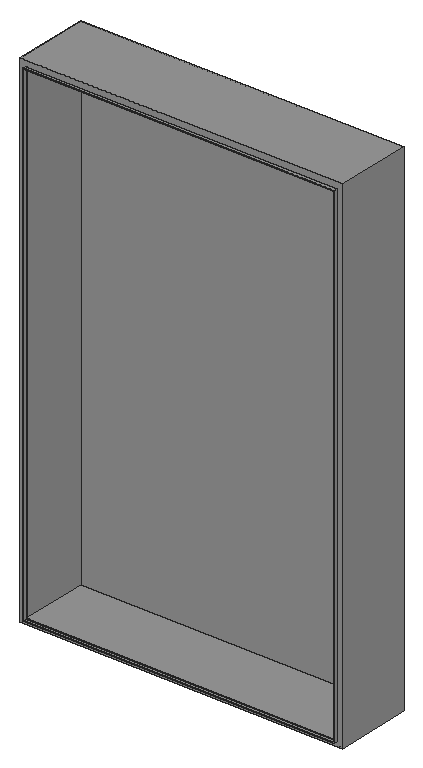
Revit family "Hager-Univers-IP30-D205-H1250-Cl.II-Encl-NoHosted-CH-it", category Electrical Equipment, Revit 2020
Family settings
  Panel Configuration = Two Columns, Circuits Across
  Round Connector Dimension = Use Diameter
  Part Type = Panelboard
  Work Plane-Based = Yes
  Always vertical = Yes
  Cut with Voids When Loaded = No
  Shared = No
  Room Calculation Point = No
Parameters (values of type "A parete IP30 L800 A1250 P205  - FP83Q1S")
  Width Control [instance] = if([EF000008 - Larghezza] > Min Width, [EF000008 - Larghezza], Min Width)  # 800 mm
  Type Comments = [HG000003 - Gamma]  # "Univers"
  Thickness Door [instance] = if([EF009171 - spessore materiale porta/coperchio] > 3 mm, 3 mm, [EF009171 - spessore materiale porta/coperchio])  # 1 mm
  Seal Frame Offset [instance] = 17 mm  # constant formula
  Plinth Visibility [instance] = [HG000027 - Altezza dello zoccolo] > 0 mm  # no
  Min Width [instance] = 100 mm  # constant formula
  Min Depth [instance] = (2 * [EF009170 - spessore materiale scatola]) + 1 mm  # 3 mm
  Min Height [instance] = 100 mm  # constant formula
  Internal Frame Depth [instance] = (Door System Depth * 0.5)  # 9 mm
  Panel Name [instance] = ""  # (empty or 0)
  Model = ""
  HG000027 - Altezza dello zoccolo = 0 mm
  HG000026 - A pavimento = no
  HG000024 - Altezza della sezione inferiore = 600 mm
  HG000023 - Custodia a doppia sezione = no
  HG000016 - Visibilità delle porte nella vista 3D [instance] = yes
  HG000015 - Visibilità attraverso la porta [instance] = no
  HG000014 - Porta destra [instance] = yes
  HG000013 - Porta sinistra [instance] = not([HG000014 - Porta destra])  # no
  HG000012 - Angolo di apertura della porta [instance] = 30.00°
  HG000010 - Porte asimmetriche = no
  HG000009 - Porta doppia a battente = no
  HG000006 - Ad incasso = no
  HG000004 - Codice produttore = "FP83Q1S"
  HG000003 - Gamma = "Univers"
  HG000002 - Con porta = no
  Frame Offset Bottom [instance] = 10 mm  # constant formula
  Frame Offset [instance] = 15 mm  # constant formula
  EF015940 - Coprire con rilascio di sovrapressione = no
  EF011959 - tipo di protezione (NEMA) = ""
  EF009554 - numero delle aperture per la piastra della flangia = 6
  EF009212 - esecuzione coperchio = "EV009916 - con taglio"
  EF009171 - spessore materiale porta/coperchio = 1 mm
  EF009170 - spessore materiale scatola = 1 mm
  EF008873 - corrente nominale (In) = 250 A
  EF007800 - adatto per parafulmine = no
  EF006306 - con serratura = no
  EF006244 - coperchio/porta trasparente = no
  EF005474 - grado di protezione (IP) = "EV006410 - IP30"
  EF004464 - tipo di porta = "EV000494 - senza"
  EF004427 - numero di moduli = 288
  EF004293 - resistenza agli urti = "EV006813 - IK07"
  EF003532 - adatto per uso esterno = no
  EF002950 - Numero moduli DIN = 36
  EF001613 - Integrità del circuito = "EV000494 - senza"
  EF001596 - Attacco Lampada = "EV000179 - acciaio"
  EF001131 - profondità interna = 130 mm
  EF001088 - possibilità di applicazione = yes
  EF000437 - numero di ingressi per conduttori = 6
  EF000339 - tipo di copertura = "EV000494 - senza"
  EF000266 - numero di file = 8
  EF000218 - profondità di incasso = 0 mm
  EF000118 - con piastra di montaggio = no
  EF000116 - numero RAL = "9010"
  EF000049 - profondità = 205 mm
  EF000040 - Altezza = 1250 mm
  EF000008 - Larghezza = 800 mm
  EF000007 - colore = "EV000202 - bianco"
  EF000003 - Tipo di montaggio = "EV000384 - A parete"
  Door System Leaf Tolerance [instance] = 1.5 mm  # constant formula
  Door System Depth [instance] = 18 mm  # constant formula
  Door Height [instance] = Height Control - [HG000027 - Altezza dello zoccolo]  # 1250 mm
  Description = ""
  Default Elevation = 1219.2 mm
  Connector Offset [instance] = Height Control / 2  # 625 mm
  Manufacturer = "Hager"  # constant formula
  Height Control [instance] = if([EF000040 - Altezza] > Min Height, [EF000040 - Altezza], Min Height)  # 1250 mm
  Depth Control [instance] = if([EF000049 - profondità] > Min Depth, [EF000049 - profondità], Min Depth)  # 205 mm
  Bottom Top Plate Trim [instance] = 1.5 mm  # constant formula
  Plinth height Ctrl [instance] = if([HG000027 - Altezza dello zoccolo] > 0 mm, [HG000027 - Altezza dello zoccolo], 12 mm)  # 12 mm
Types (5, lengths in mm): name | Width Control | HG000004 - Codice produttore | EF009554 - numero delle aperture per la piastra della flangia | EF004427 - numero di moduli | EF002950 - Numero moduli DIN | EF000437 - numero di ingressi per conduttori | EF000008 - Larghezza
  A parete IP30 L1050 A1250 P205  - FP84Q1S | 1050 | "FP84Q1S" | 8 | 384 | 48 | 8 | 1050
  A parete IP30 L1300 A1250 P205  - FP85Q1S | 1300 | "FP85Q1S" | 10 | 480 | 60 | 10 | 1300
  A parete IP30 L300 A1250 P205  - FP81Q1S | 300 | "FP81Q1S" | 2 | 96 | 12 | 2 | 300
  A parete IP30 L550 A1250 P205  - FP82Q1S | 550 | "FP82Q1S" | 4 | 192 | 24 | 4 | 550
  A parete IP30 L800 A1250 P205  - FP83Q1S | 800 | "FP83Q1S" | 6 | 288 | 36 | 6 | 800
Reference planes
  plane 1 "Center (Front/Back)": y = 0
  plane 2: z = 0
  plane 3 "Center (Left/Right)": x = 0
  plane 4: y = 0
  plane 5: y = 0
  plane 6: z = 0
  plane 7: x = -400
  plane 8: x = 400
  plane 9: x = 399
  plane 10: x = -399
  plane 11: z = 0
  plane 12: z = 1
  plane 13: y = -205
  plane 14: y = -1
  plane 15: x = 0
  plane 16: y = -187
  plane 17: y = -204
  plane 18: y = -186
  plane 19: x = -384
  plane 20: x = 384
  plane 21: z = 11
  plane 22: x = -383
  plane 23: x = 383
  plane 24: z = 0
  plane 25: z = 1250
  plane 26: z = 1250
  plane 27: z = 1234
  plane 28: z = 1249
Forms (mm)
  Extrusion 1, solid, material "Hager_Steel_RAL7035_Light_Grey", detail levels medium+fine
    sketch origin (-208.679, -4572, 0) x (-1, 0, 0) y (0, -1, 0)
      loop
        line (191.321, -4385) -> (-608.679, -4385) -> (-608.679, -4572) -> (191.321, -4572) -> (191.321, -4385)
    from 0 to 1250
  Extrusion 2, void
    sketch origin (-350.771, -205, 1219.2) x (1, 0, 0) y (0, 0, 1)
      loop
        line (-48.229, 29.8) -> (-48.229, -1218.2) -> (749.771, -1218.2) -> (749.771, 29.8) -> (-48.229, 29.8)
    from -19 to -204
  Extrusion 3, void
    sketch origin (-290.084, -187, 1219.2) x (1, 0, 0) y (0, 0, 1)
      loop
        line (-93.916, -1208.2) -> (674.084, -1208.2) -> (674.084, 14.8) -> (-93.916, 14.8) -> (-93.916, -1208.2)
    from 0 to -1
  Extrusion 4, solid, material "Hager_Steel_RAL7035_Light_Grey", visible <- "Plinth Visibility", detail levels medium+fine
    sketch origin (0, 0, 0) x (1, 0, 0) y (0, 1, 0)
      loop
        line (-400, 0) -> (-400, -187) -> (400, -187) -> (400, 0) -> (-400, 0)
    from 0 to 12 <- "Plinth height Ctrl"
  Extrusion 5, solid, material "Hager_Steel_RAL7035_Light_Grey", detail levels coarse
    sketch origin (0, 0, 0) x (1, 0, 0) y (0, 1, 0)
      loop
        line (-400, 0) -> (-400, -205) -> (400, -205) -> (400, 0) -> (-400, 0)
    from 0 to 1250 <- "Height Control"
  Sweep 6, void
    path in 3D
      loop
        line (-400, -187, 12) -> (400, -187, 12) -> (400, 0, 12) -> (-400, 0, 12) -> (-400, -187, 12)
    profile origin (-400, -93.5, 12) x (1, 0, 0) y (0, 0, 1)
      loop
        line (0, 0) -> (0, -1.5) -> (1.5, -1.5)
        arc (1.5, -1.5) -> (1.061, -0.439) -> (0, 0) r 1.5
  Extrusion 7, solid, material "Hager_Steel_RAL7035_Light_Grey", detail levels fine
    sketch origin (-400, -187, 0) x (1, 0, 0) y (0, 0, 1)
      loop
        line (16, 11) -> (784, 11) -> (784, 1234) -> (16, 1234) -> (16, 11)
      loop
        line (15, 10) -> (785, 10) -> (785, 1235) -> (15, 1235) -> (15, 10)
    from 0 to 9 <- "Internal Frame Depth"
Cuts and joins
  Extrusion 2, Extrusion 3 cuts Extrusion 1
  Sweep 6 cuts Extrusion 4
Lines and regions (mm)
  Masking region 1
    outline origin (0, 0, 0) x (1, 0, 0) y (0, 1, 0)
      loop
        line (-400, 0) -> (-400, -205) -> (400, -205) -> (400, 0) -> (-400, 0)
  Masking region 2, detail levels coarse
    outline origin (-290.084, -187, 1219.2) x (-1, 0, 0) y (0, 0, 1)
      loop
        line (-690.084, -1219.2) -> (109.916, -1219.2) -> (109.916, 30.8) -> (-690.084, 30.8) -> (-690.084, -1219.2)
  Masking region 3, detail levels coarse
    outline origin (0, 0, 0) x (0, 1, 0) y (0, 0, 1)
      loop
        line (0, 0) -> (0, 1250) -> (-205, 1250) -> (-205, 0) -> (0, 0)
  Masking region 4, visible <- "Plinth Visibility", detail levels medium+fine
    outline origin (0, 0, 0) x (0, 1, 0) y (0, 0, 1)
      loop
        line (-1.5, 12) -> (-185.5, 12)
        arc (-185.5, 12) -> (-185.939, 10.939) -> (-187, 10.5) r 1.5
        line (-187, 10.5) -> (-187, 0) -> (0, 0) -> (0, 10.5)
        arc (0, 10.5) -> (-1.061, 10.939) -> (-1.5, 12) r 1.5
  Masking region 5, detail levels medium+fine
    outline origin (0, 0, 594.038) x (0, 1, 0) y (0, 0, 1)
      loop
        line (0, -594.038) -> (0, 655.962) -> (-187, 655.962) -> (-187, -594.038) -> (0, -594.038)
  Masking region 6, detail levels medium+fine
    outline origin (-359.7, -187, 1211.883) x (-1, 0, 0) y (0, 0, 1)
      loop
        line (-759.7, -1211.883) -> (40.3, -1211.883) -> (40.3, 38.117) -> (-759.7, 38.117) -> (-759.7, -1211.883)
  Masking region 7, visible <- "Plinth Visibility", detail levels medium+fine
    outline origin (-320.334, -187, 1041.368) x (-1, 0, 0) y (0, 0, 1)
      loop
        line (-720.334, -1041.368) -> (79.666, -1041.368) -> (79.666, -1030.868)
        arc (79.666, -1030.868) -> (78.606, -1030.429) -> (78.166, -1029.368) r 1.5
        line (78.166, -1029.368) -> (-718.834, -1029.368)
        arc (-718.834, -1029.368) -> (-719.273, -1030.429) -> (-720.334, -1030.868) r 1.5
        line (-720.334, -1030.868) -> (-720.334, -1041.368)
  sketch lines
    curve 1: line (-400, 0, 12) -> (-400, -187, 12)
    curve 2: line (-400, -187, 12) -> (400, -187, 12)
    curve 3: line (400, 0, 12) -> (-400, 0, 12)
    curve 4: line (400, -187, 12) -> (400, 0, 12)
Dimensions and locks
  locked: plane 1 "Center (Front/Back)" to plane 5
  "EF009170 - spessore materiale scatola": plane 7 to plane 10
  "EF009170 - spessore materiale scatola": plane 8 to plane 9
  equal spacing: plane 7, plane 3 "Center (Left/Right)", plane 8
  "Width Control": plane 7 to plane 8
  "Depth Control": plane 4 to plane 13
  "EF009170 - spessore materiale scatola": plane 4 to plane 14
  "Height Control": plane 25 to level
  "HG000027 - Altezza dello zoccolo": plane 11 to level
  "EF009170 - spessore materiale scatola": plane 12 to plane 11
  "EF009170 - spessore materiale scatola": plane 17 to plane 13
  "EF009170 - spessore materiale scatola": plane 18 to plane 16
  "Frame Offset Bottom": plane 21 to plane 12
  "Frame Offset": plane 10 to plane 19
  "Frame Offset": plane 9 to plane 20
  "Door System Depth": plane 16 to plane 13
  "Seal Frame Offset": plane 7 to plane 22
  "Seal Frame Offset": plane 8 to plane 23
  "EF009170 - spessore materiale scatola": plane 26 to plane 28
  "Frame Offset": plane 28 to plane 27
  "Connector Offset": plane 2 to connector elem
  "Bottom Top Plate Trim": profile plane to Sweep 6 sketch curve
  "Bottom Top Plate Trim": Sweep 6 sketch curve to Sweep 6 sketch curve
  "Plinth height Ctrl": Masking region 4 sketch curve to level
  "Plinth height Ctrl": Masking region 7 sketch curve to level
  "Thickness Door": Extrusion 7 sketch curve to Extrusion 7 sketch curve  (x4)
  "Bottom Top Plate Trim": radius of Sweep 6 sketch curve
  "Bottom Top Plate Trim": radius of Masking region 4 sketch curve  (x2)
  "Bottom Top Plate Trim": radius of Masking region 7 sketch curve  (x2)
  aligned and locked: Extrusion 2 sketch curve to plane 12
  aligned and locked: Extrusion 2 sketch curve to plane 9
  aligned and locked: Extrusion 2 sketch curve to plane 10
  aligned and locked: Extrusion 2 to plane 14
  aligned and locked: Extrusion 1 sketch curve to plane 4
  aligned and locked: plane 8 to Extrusion 1 sketch curve
  aligned and locked: plane 7 to Extrusion 1 sketch curve
  aligned and locked: Extrusion 2 to plane 18
  aligned and locked: Extrusion 3 sketch curve to plane 19
  aligned and locked: plane 20 to Extrusion 3 sketch curve
  aligned and locked: Extrusion 3 to Extrusion 2
  aligned and locked: Extrusion 3 sketch curve to plane 21
  aligned and locked: plane 3 "Center (Left/Right)" to nested 1
  aligned and locked: Extrusion 1 sketch curve to plane 16
  aligned and locked: Extrusion 4 sketch curve to cut or joined group of Extrusion 1, Extrusion 2, Extrusion 3
  aligned and locked: Masking region 1 sketch curve to plane 7
  aligned and locked: Masking region 1 sketch curve to plane 5
  aligned and locked: Masking region 1 sketch curve to plane 8
  aligned and locked: Masking region 2 sketch curve to level
  aligned and locked: level to Masking region 3 sketch curve
  aligned and locked: plane 1 "Center (Front/Back)" to Masking region 3 sketch curve
  aligned and locked: plane 13 to Masking region 3 sketch curve
  aligned and locked: plane 5 to Masking region 4 sketch curve
  aligned and locked: Masking region 2 sketch curve to plane 8
  aligned and locked: Masking region 2 sketch curve to plane 7
  aligned and locked: plane 7 to nested 2
  aligned and locked: nested 2 to plane 5
  aligned and locked: plane 5 to Masking region 5 sketch curve
  aligned and locked: plane 26 to Masking region 5 sketch curve
  aligned and locked: Extrusion 5 sketch curve to plane 8
  aligned and locked: Extrusion 5 sketch curve to plane 7
  aligned and locked: Extrusion 5 sketch curve to plane 5
  aligned and locked: Extrusion 3 sketch curve to plane 27
  aligned and locked: Extrusion 2 sketch curve to plane 28
  aligned and locked: Masking region 2 to plane 25
  aligned and locked: Extrusion 4 to plane 16
  aligned and locked: profile plane to Sweep 6 sketch curve
  aligned and locked: Masking region 5 sketch curve to plane 24
  aligned and locked: level to Masking region 4 sketch curve
  aligned and locked: Masking region 1 to plane 13
  aligned and locked: nested 1 to plane 16
  aligned and locked: Masking region 3 to plane 25
  aligned and locked: plane 16 to Masking region 4 sketch curve
  aligned and locked: Masking region 5 sketch curve to plane 16
  aligned and locked: plane 24 to plane 11
  aligned and locked: plane 26 to plane 25
  aligned and locked: plane 26 to cut or joined group of Extrusion 1, Extrusion 2, Extrusion 3
  aligned and locked: nested 1 to plane 24
  aligned and locked: Extrusion 1 to Extrusion 3
  aligned and locked: Masking region 6 sketch curve to plane 8
  aligned and locked: Masking region 6 sketch curve to plane 24
  aligned and locked: Masking region 6 sketch curve to plane 7
  aligned and locked: Masking region 6 sketch curve to plane 26
  aligned and locked: Masking region 7 sketch curve to plane 7
  aligned and locked: level to Masking region 7 sketch curve
  aligned and locked: Masking region 7 sketch curve to plane 8
  aligned and locked: Extrusion 7 sketch curve to cut or joined group of Extrusion 1, Extrusion 2, Extrusion 3  (x4)
Automatic sketch dimensions
  plane 19 to Extrusion 3 sketch curve = 0 mm
  Extrusion 3 sketch curve to plane 20 = 0 mm
  Extrusion 3 sketch curve to plane 21 = 0 mm
  Extrusion 4 sketch curve to plane 7 = 0 mm
  Extrusion 4 sketch curve to plane 8 = 0 mm
  Extrusion 4 sketch curve to plane 16 = 0 mm
  Masking region 1 sketch curve to plane 13 = 0 mm
  Masking region 2 sketch curve to plane 25 = 0 mm
  Masking region 3 sketch curve to plane 25 = 0 mm
  Extrusion 5 sketch curve to plane 13 = 0 mm
  profile plane to Sweep 6 sketch curve = 0 mm
Nested families
  nested 1: "EC000058_Univers_Door" at (0, -187, 0), Double <- "HG000009 - Porta doppia a battente", Transparent <- "EF006244 - coperchio/porta trasparente", Angle <- "HG000012 - Angolo di apertura della porta", Door_Right <- "HG000014 - Porta destra", Assymetrical <- "HG000010 - Porte asimmetriche", Door <- "HG000002 - Con porta", Width_Ctrl <- "Width Control", 3d_Door <- "HG000016 - Visibilità delle porte nella vista 3D", Clearance <- "HG000015 - Visibilità attraverso la porta", Door_Left <- "HG000013 - Porta sinistra", Width <- "Width Control", Door_Depth <- "Door System Depth", Leaf_Tolerance <- "Door System Leaf Tolerance", Height <- "Door Height", Lock_Visibility <- "EF006306 - con serratura", Thickness <- "Thickness Door", type "EC000058_Univers_Door", detail levels medium+fine
    with min_wh 3 mm, Width_Ctrl 800 mm, Width 800 mm, Transparent no, Thickness 1 mm, Seal_Material Hager_Rubber, Lock_Visibility no, Lock_Material Hager_Plastic_RAL9005_Jet_Black, Leaf_Width 800 mm, Leaf_Tolerance_External_Sides 0 mm, Leaf_Tolerance 1.5 mm, Leaf_Offset 0 mm, Leaf_Height 1247 mm, Leaf_2_Width 800 mm, Leaf_2_Offset 400 mm, Leaf_1_Width 800 mm, Leaf_1_Offset 400 mm, Height_Ctrl 1250 mm, Height 1250 mm, Glass_Material Hager_Glass, Double_Clearance_Ctrl no, Double no, Door_Right_Ctrl no, Door_Right yes, Door_Material Hager_Steel_RAL7035_Light_Grey, Door_Left_Ctrl no, Door_Left no, Door_Depth 18 mm, Door no, Clearance_Material Hager_Clearance, Clearance_Depth 800 mm, Clearance_Ctrl no, Clearance no, Assymetrical no, Angle 30.00°, 3d_Door yes
  nested 2: "Hager_Enclosure_Symbol" at (-400, 0, 0), Height <- "Depth Control", Width <- "Width Control", type "Hager_Enclosure_Symbol"
    with Width_Ctrl 800 mm, Width 800 mm, Height_Ctrl 205 mm, Height 205 mm, A_Width_Int 13.453 mm, A_Width 161.438 mm, A_Height_Ctrl 179.375 mm, A_Height 179.375 mm
Connectors
  electrical at (0, 0, 625)
    settings: on plane 1 "Center (Front/Back)", index 1, voltage 0 V, apparent load 0 VA, apparent load phase1 0 VA, apparent load phase2 0 VA, apparent load phase3 0 VA, power factor 1, load classification "Other", number of poles 1, system type 30, power factor state 1, is connector primary yes, connector utility no, sub classification motor no, connector description ""
Definition of nested family "EC000058_Univers_Door"
  Parameters (values of type "EC000058_Univers_Door")
    min_wh [instance] = (2 * Thickness) + 1 mm  # 11 mm
    Width_Ctrl [instance] = 400 mm
    Width [instance] = 500 mm
    Transparent [instance] = yes
    Thickness [instance] = 5 mm
    Seal_Material [instance] = none
    Lock_Visibility [instance] = yes
    Lock_Material [instance] = none
    Leaf_Width [instance] = if((Width_Ctrl - 2 * Leaf_Tolerance_External_Sides) > 0 mm, (Width_Ctrl - 2 * Leaf_Tolerance_External_Sides), min_wh)  # 400 mm
    Leaf_Tolerance_External_Sides [instance] = 0 mm  # constant formula
    Leaf_Tolerance [instance] = 1.5 mm
    Leaf_Offset [instance] = 0 mm  # constant formula
    Leaf_Height [instance] = if((Height_Ctrl - 2 * Leaf_Tolerance) > 0 mm, (Height_Ctrl - 2 * Leaf_Tolerance), min_wh)  # 497 mm
    Leaf_2_Width [instance] = if(and(and(Double, Assymetrical), Door_Left), (Leaf_Width / 3) - (Leaf_Tolerance / 2), if(and(and(Double, Assymetrical), Door_Right), (Leaf_Width / 3) * 2 - (Leaf_Tolerance / 2), if(and(Double, not(Assymetrical)), (Leaf_Width / 2) - Leaf_Tolerance, Leaf_Width)))  # 400 mm
    Leaf_2_Offset [instance] = if(and(Double, Assymetrical), Leaf_2_Width / 2, if(and(Double, not(Assymetrical)), Leaf_Width / 4, Leaf_Width / 2))  # 200 mm
    Leaf_1_Width [instance] = if(and(and(Double, Assymetrical), Door_Right), (Leaf_Width / 3) - (Leaf_Tolerance / 2), if(and(and(Double, Assymetrical), Door_Left), (Width / 3) * 2 - (Leaf_Tolerance / 2), if(and(Double, not(Assymetrical)), (Leaf_Width / 2) - Leaf_Tolerance, Leaf_Width)))  # 400 mm
    Leaf_1_Offset [instance] = if(and(Double, Assymetrical), Leaf_1_Width / 2, if(and(Double, not(Assymetrical)), Leaf_Width / 4, Leaf_Width / 2))  # 200 mm
    Height_Ctrl [instance] = if(Height > min_wh, Height, min_wh)  # 500 mm
    Height [instance] = 500 mm
    Glass_Material [instance] = none
    Double_Clearance_Ctrl [instance] = and(Double, Clearance)  # no
    Double [instance] = no
    Door_Right_Ctrl [instance] = and(or(Door_Right, Double), Door)  # yes
    Door_Right [instance] = yes
    Door_Material [instance] = none
    Door_Left_Ctrl [instance] = and(or(Door_Left, Double), Door)  # no
    Door_Left [instance] = no
    Door_Depth [instance] = 30 mm
    Door [instance] = yes
    Default Elevation = 1219.2 mm
    Clearance_Material [instance] = none
    Clearance_Depth [instance] = if(Leaf_1_Width > Leaf_2_Width, Leaf_1_Width, Leaf_2_Width)  # 400 mm
    Clearance_Ctrl [instance] = and(not(Double), Clearance)  # yes
    Clearance [instance] = yes
    Assymetrical [instance] = yes
    Angle [instance] = 30.00°
    3d_Door [instance] = yes
  Reference planes
    plane 1 "Center (Front/Back)": y = 0
    plane 2 "Bottom": z = 0
    plane 3 "Center (Left/Right)": x = 0
    plane 4: z = 500
    plane 5: x = -200
    plane 6: x = 200
    plane 7: z = 500
    plane 8: x = -200
    plane 9: z = 0
    plane 10: x = 200
    plane 11: y = 0
    plane 12: z = 1.5
    plane 13: x = -600
    plane 14: y = -400
    plane 15: x = 600
    plane 16: x = 0
    plane 17: x = 0
    plane 18: x = -200
    plane 19: x = 200
    plane 20: z = 498.5
  Forms (mm)
    Extrusion 1, solid, material <- "Clearance_Material", visible <- "Double_Clearance_Ctrl"
      sketch origin (1200, 0, 0) x (1, 0, 0) y (0, 0, -1)
        loop
          line (-1800, -498.5) -> (-600, -498.5) -> (-600, 0) -> (-1800, 0) -> (-1800, -498.5)
      from 0 to -400
  Dimensions and locks
    equal spacing: plane 5, plane 3 "Center (Left/Right)", plane 6
    "Width_Ctrl": plane 5 to plane 6
    "Leaf_Offset": plane 5 to plane 8
    "Leaf_Offset": plane 6 to plane 10
    "Leaf_Offset": plane 9 to level
    "Leaf_Offset": plane 4 to plane 7
    "Height_Ctrl": plane 4 to level
    "Leaf_Tolerance": plane 12 to plane 9
    locked: plane 11 to plane 1 "Center (Front/Back)"
    "Leaf_1_Offset": plane 18 to plane 16
    "Leaf_2_Offset": plane 17 to plane 19
    "Leaf_1_Width": plane 13 to plane 8
    "Leaf_2_Width": plane 10 to plane 15
    "Clearance_Depth": plane 14 to plane 1 "Center (Front/Back)"
    "Leaf_Tolerance_External_Sides": plane 8 to plane 18
    "Leaf_Tolerance_External_Sides": plane 19 to plane 10
    "Leaf_Tolerance": plane 7 to plane 20
    aligned and locked: level to plane 2 "Bottom"
    aligned and locked: nested 1 to plane 16
    aligned and locked: nested 2 to plane 17
    aligned and locked: Extrusion 1 to plane 13
    aligned and locked: plane 15 to Extrusion 1
    aligned and locked: Extrusion 1 to plane 14
    aligned and locked: plane 12 to nested 1
    aligned and locked: nested 2 to plane 12
    aligned and locked: Extrusion 1 to plane 11
    aligned and locked: plane 20 to Extrusion 1
    aligned and locked: nested 2 to plane 11
    aligned and locked: nested 1 to plane 11
  Automatic sketch dimensions
    Extrusion 1 sketch curve to level = 0 mm
    plane 5 to Extrusion 1 sketch curve = 400 mm
    plane 6 to Extrusion 1 sketch curve = 400 mm
    Extrusion 1 sketch curve to plane 4 = 1.5 mm
  Nested families
    nested 1: "EC000058_Univers_Door_Leaf" at (0, 0, 1.5), Width <- "Leaf_1_Width", visible <- "Door_Left_Ctrl", Leaf_Height <- "Leaf_Height", Angle <- "Angle", 3d_Door <- "3d_Door", Transparent <- "Transparent", Clearance Material <- "Clearance_Material", Clearance <- "Clearance_Ctrl", Door_Material <- "Door_Material", Glass_Material <- "Glass_Material", Door_Depth <- "Door_Depth", Lock_Material <- "Lock_Material", Seal_Material <- "Seal_Material", Lock_Visibility <- "Lock_Visibility", Thickness <- "Thickness", type "EC000058_Univers_Door_Leaf"
      with Width 400 mm, Transparent_Glass_Offset 30 mm, Transparent_Ctrl yes, Transparent yes, Thickness 5 mm, Standard no, Seal_Material none, Seal_D2 8 mm, Seal_D1 1 mm, Offset_Internal_Frame 10 mm, Lock_Width 20 mm, Lock_Visibility_3d yes, Lock_Visibility yes, Lock_Thickness_3 3 mm, Lock_Thickness_2 1 mm, Lock_Thickness_1 3 mm, Lock_Radius_Offset_2 16 mm, Lock_Radius_Offset_1 15 mm, Lock_Radius_2 5 mm, Lock_Radius 6 mm, Lock_Offset 5 mm, Lock_Material none, Lock_Height 80 mm, Lock_Cover_Top_Offset_2d 17 mm, Lock_Cover_Height -65 mm, Leaf_Height 497 mm, Internal_Seal_Thickness 8 mm, Internal_Seal_Depth_2 4.5 mm, Internal_Frame_Depth 25 mm, Glass_Thickness -1 mm, Glass_Offset -2 mm, Glass_Material none, Door_Material none, Door_Depth 30 mm, Clearance Material none, Clearance yes, Angle_Ctrl 30.00°, Angle 30.00°, 3d_Door yes
    nested 2: "EC000058_Univers_Door_Leaf" at (0, 0, 1.5) x (-1, 0, 0) z (0, 0, 1), Width <- "Leaf_2_Width", visible <- "Door_Right_Ctrl", Leaf_Height <- "Leaf_Height", Angle <- "Angle", 3d_Door <- "3d_Door", Transparent <- "Transparent", Clearance Material <- "Clearance_Material", Clearance <- "Clearance_Ctrl", Door_Material <- "Door_Material", Glass_Material <- "Glass_Material", Door_Depth <- "Door_Depth", Lock_Material <- "Lock_Material", Seal_Material <- "Seal_Material", Lock_Visibility <- "Lock_Visibility", Thickness <- "Thickness", type "EC000058_Univers_Door_Leaf"
      with Width 400 mm, Transparent_Glass_Offset 30 mm, Transparent_Ctrl yes, Transparent yes, Thickness 5 mm, Standard no, Seal_Material none, Seal_D2 8 mm, Seal_D1 1 mm, Offset_Internal_Frame 10 mm, Lock_Width 20 mm, Lock_Visibility_3d yes, Lock_Visibility yes, Lock_Thickness_3 3 mm, Lock_Thickness_2 1 mm, Lock_Thickness_1 3 mm, Lock_Radius_Offset_2 16 mm, Lock_Radius_Offset_1 15 mm, Lock_Radius_2 5 mm, Lock_Radius 6 mm, Lock_Offset 5 mm, Lock_Material none, Lock_Height 80 mm, Lock_Cover_Top_Offset_2d 17 mm, Lock_Cover_Height -65 mm, Leaf_Height 497 mm, Internal_Seal_Thickness 8 mm, Internal_Seal_Depth_2 4.5 mm, Internal_Frame_Depth 25 mm, Glass_Thickness -1 mm, Glass_Offset -2 mm, Glass_Material none, Door_Material none, Door_Depth 30 mm, Clearance Material none, Clearance yes, Angle_Ctrl 30.00°, Angle 30.00°, 3d_Door yes
  Definition of nested family "EC000058_Univers_Door_Leaf"
    Parameters (values of type "EC000058_Univers_Door_Leaf")
      Width [instance] = 2000 mm
      Transparent_Glass_Offset [instance] = 30 mm
      Transparent_Ctrl [instance] = and(Transparent, [3d_Door])  # yes
      Transparent [instance] = yes
      Thickness [instance] = 5 mm
      Standard [instance] = and(not(Transparent), [3d_Door])  # no
      Seal_Material [instance] = none
      Seal_D2 [instance] = 8 mm  # constant formula
      Seal_D1 [instance] = 1 mm  # constant formula
      Offset_Internal_Frame [instance] = 10 mm  # constant formula
      Lock_Width [instance] = 20 mm  # constant formula
      Lock_Visibility_3d [instance] = and(Lock_Visibility, [3d_Door])  # yes
      Lock_Visibility [instance] = yes
      Lock_Thickness_3 [instance] = 3 mm  # constant formula
      Lock_Thickness_2 [instance] = 1 mm  # constant formula
      Lock_Thickness_1 [instance] = 3 mm  # constant formula
      Lock_Radius_Offset_2 [instance] = Lock_Radius_Offset_1 + 1 mm  # 16 mm
      Lock_Radius_Offset_1 [instance] = 15 mm  # constant formula
      Lock_Radius_2 [instance] = Lock_Radius - 1 mm  # 5 mm
      Lock_Radius [instance] = 6 mm  # constant formula
      Lock_Offset [instance] = 5 mm  # constant formula
      Lock_Material [instance] = none
      Lock_Height [instance] = 80 mm  # constant formula
      Lock_Cover_Top_Offset_2d [instance] = Lock_Radius_Offset_2 + 1 mm  # 17 mm
      Lock_Cover_Height [instance] = -(Lock_Height - Lock_Radius_Offset_1)  # -65 mm
      Leaf_Height [instance] = 2720.336 mm
      Internal_Seal_Thickness [instance] = 8 mm  # constant formula
      Internal_Seal_Depth_2 [instance] = 4.5 mm  # constant formula
      Internal_Frame_Depth [instance] = if(Door_Depth - Thickness > 5 mm, Door_Depth - Thickness, 5 mm)  # 25 mm
      Glass_Thickness [instance] = if(Thickness > 15 mm, Glass_Offset + 10 mm, -1 mm)  # -1 mm
      Glass_Offset [instance] = if(Thickness > 15 mm, -(Thickness + 10 mm) / 2, -2 mm)  # -2 mm
      Glass_Material [instance] = none
      Door_Material [instance] = none
      Door_Depth [instance] = 30 mm
      Default Elevation = 0 mm
      Clearance Material [instance] = none
      Clearance [instance] = yes
      Angle_Ctrl [instance] = if(Angle > 180.00°, 180.00°, Angle)  # 90.00°
      Angle [instance] = 90.00°
      3d_Door [instance] = yes
    Reference planes
      plane 1 "Center (Front/Back)": y = 0
      plane 2: z = 0
      plane 3 "Center (Left/Right)": x = 0
      plane 4: y = 2000
      plane 5: x = -1000
      plane 6: x = 1000
      plane 7: x = -3000
      plane 8: z = 2720.336
      plane 9: z = 30
      plane 10: z = 2690.336
      plane 11: x = 970
      plane 12: x = -970
      plane 13: y = -3
      plane 14: z = 107.833
      plane 15: y = -5
      plane 16: y = -223.314
      plane 17: x = -1000
      plane 18: z = 1360.168
      plane 19: y = 30
    Forms (mm)
      Extrusion 1, solid, material <- "Clearance Material", visible <- "Clearance"
        sketch origin (0, 0, 0) x (1, 0, 0) y (0, 0, 1)
          loop
            line (-3000, 2720.336) -> (-3000, 0) -> (1000, 0) -> (1000, 2720.336) -> (-3000, 2720.336)
        from 0 to -2000
      Extrusion 2, solid, material <- "Door_Material", visible <- "Standard", detail levels medium+fine
        sketch origin (-1000, 0, 0) x (0, 1, 0) y (-1, 0, 0)
          loop
            line (0, 30) -> (0, 25) -> (2000, 25) -> (2000, 30) -> (0, 30)
        from 0 to 2720.336 <- "Leaf_Height"
      Extrusion 3, solid, material <- "Door_Material", visible <- "Transparent_Ctrl", detail levels medium+fine
        sketch origin (-1000, 0, 0) x (0, 1, 0) y (-1, 0, 0)
          loop
            line (0, 25) -> (2000, 25) -> (2000, 30) -> (0, 30) -> (0, 25)
        from 0 to 2720.336 <- "Leaf_Height"
      Extrusion 4, void
        sketch origin (-1025, 2000, 0) x (0, 1, 0) y (0, 0, -1)
          loop
            line (-30, -2690.336) -> (-30, -30) -> (-1970, -30) -> (-1970, -2690.336) -> (-30, -2690.336)
        from 0 to 5 <- "Thickness"
      Sweep 5, solid, material <- "Seal_Material", visible <- "Transparent_Ctrl", detail levels fine
        path in 3D
          loop
            line (-1025, 30, 30) -> (-1025, 30, 2690.336) -> (-1025, 1970, 2690.336) -> (-1025, 1970, 30) -> (-1025, 30, 30)
        profile origin (-1025, 1000, 30) x (1, 0, 0) y (0, 0, 1)
          loop
            line (0, 0) -> (0, -8) -> (1, -8) -> (1, 0) -> (0, 0)
      Extrusion 6, solid, material <- "Glass_Material", visible <- "Transparent_Ctrl", detail levels medium+fine
        sketch origin (-1030, 0, 0) x (0, 1, 0) y (0, 0, -1)
          loop
            line (1970, -2690.336) -> (1970, -30) -> (30, -30) -> (30, -2690.336) -> (1970, -2690.336)
        from -2 <- "Glass_Offset" to -1 <- "Glass_Thickness"
      Extrusion 7, solid, material <- "Door_Material", visible <- "3d_Door", detail levels medium+fine
        sketch origin (-1025, 2000, 0) x (0, -1, 0) y (0, 0, -1)
          loop
            line (0, -2720.336) -> (2000, -2720.336) -> (2000, 0) -> (0, 0) -> (0, -2720.336)
          loop
            line (1995, -5) -> (5, -5) -> (5, -2715.336) -> (1995, -2715.336) -> (1995, -5)
        from 0 to 25 <- "Internal_Frame_Depth"
      Sweep 8, solid, material <- "Seal_Material", visible <- "Transparent_Ctrl", detail levels fine
        path in 3D
          loop
            line (-1025, 0, 0) -> (-1025, 2000, 0) -> (-1025, 2000, 2720.336) -> (-1025, 0, 2720.336) -> (-1025, 0, 0)
        profile origin (-1025, 0, 1360.168) x (1, 0, 0) y (0, 1, 0)
          loop
            line (0, 10) -> (2.975, 10)
            arc (2.975, 10) -> (4.053, 10.447) -> (4.5, 11.525) r 1.525
            line (4.5, 11.525) -> (4.5, 16.527)
            arc (4.5, 16.527) -> (4.069, 17.569) -> (3.027, 18) r 1.473
            line (3.027, 18) -> (0, 18) -> (0, 10)
      Extrusion 9, solid, material <- "Lock_Material", visible <- "Lock_Visibility_3d", detail levels fine
        sketch origin (-1030, 0, 0) x (0, 1, 0) y (0, 0, -1)
          loop
            arc (1993.5, -1400.168) -> (1994.561, -1399.729) -> (1995, -1398.668) r 1.5
            line (1995, -1398.668) -> (1995, -1320.168) -> (1975, -1320.168) -> (1975, -1398.668)
            arc (1975, -1398.668) -> (1975.439, -1399.729) -> (1976.5, -1400.168) r 1.5
            line (1976.5, -1400.168) -> (1993.5, -1400.168)
        from 3 <- "Lock_Thickness_1" to 0
      Blend 10, solid, material <- "Lock_Material", visible <- "Lock_Visibility_3d", detail levels fine
        base sketch origin (-1033, 0, 0) x (0, 1, 0) y (0, 0, -1)
          loop
            line (1975, -1320.168) -> (1975, -1398.668)
            arc (1975, -1398.668) -> (1975.439, -1399.729) -> (1976.5, -1400.168) r 1.5
            line (1976.5, -1400.168) -> (1993.5, -1400.168)
            arc (1993.5, -1400.168) -> (1994.561, -1399.729) -> (1995, -1398.668) r 1.5
            line (1995, -1398.668) -> (1995, -1320.168) -> (1975, -1320.168)
        top sketch origin (-1033, 0, 0) x (0, 1, 0) y (0, 0, -1)
          loop
            line (1976, -1320.168) -> (1976, -1398.668)
            arc (1976, -1398.668) -> (1976.146, -1399.022) -> (1976.5, -1399.168) r 0.5
            line (1976.5, -1399.168) -> (1993.5, -1399.168)
            arc (1993.5, -1399.168) -> (1993.854, -1399.022) -> (1994, -1398.668) r 0.5
            line (1994, -1398.668) -> (1994, -1320.168) -> (1976, -1320.168)
        from 0 to 1 <- "Lock_Thickness_2"
      Blend 11, solid, material <- "Lock_Material", visible <- "Lock_Visibility_3d", detail levels fine
        base sketch origin (-1034, 0, 0) x (0, 1, 0) y (0, 0, -1)
          loop
            line (1978, -1320.168) -> (1978, -1384.168)
            arc (1978, -1384.168) -> (1985, -1391.168) -> (1992, -1384.168) r 7
            line (1992, -1384.168) -> (1992, -1320.168) -> (1978, -1320.168)
        top sketch origin (-1034, 0, 0) x (0, 1, 0) y (0, 0, -1)
          loop
            line (1991, -1320.168) -> (1979, -1320.168) -> (1979, -1383.168)
            arc (1979, -1383.168) -> (1985, -1389.168) -> (1991, -1383.168) r 6
            line (1991, -1383.168) -> (1991, -1320.168)
        from 0 to 3 <- "Lock_Thickness_3"
      Extrusion 12, solid, material <- "Lock_Material", visible <- "Lock_Visibility_3d", detail levels fine
        sketch origin (-1030, 1975, 1320.168) x (1, 0, 0) y (0, -1, 0)
          loop
            line (-7, -19) -> (-7, -1) -> (0, -1) -> (0, 0) -> (-8, 0) -> (-8, -20) -> (0, -20) -> (0, -19) -> (-7, -19)
        from 0 to -65 <- "Lock_Cover_Height"
      Extrusion 13, void
        sketch origin (-1038, 1995, 1320.168) x (-1, 0, 0) y (0, 0, -1)
          loop
            line (-5, -65) -> (0, -65) -> (-5, -60) -> (-5, -65)
        from 0 to 20 <- "Lock_Width"
      Extrusion 14, void
        sketch origin (-1038, 1975, 1320.168) x (0, -1, 0) y (0, 0, -1)
          loop
            circle (-10, -15.995) r 6
          loop
            circle (-10, -15.995) r 5
        from 0 to 2
      Extrusion 15, solid, material <- "Lock_Material", visible <- "Lock_Visibility_3d", detail levels medium
        sketch origin (-1030, 0, 0) x (0, 1, 0) y (0, 0, -1)
          loop
            arc (1993.5, -1400.168) -> (1994.561, -1399.729) -> (1995, -1398.668) r 1.5
            line (1995, -1398.668) -> (1995, -1320.168) -> (1975, -1320.168) -> (1975, -1398.668)
            arc (1975, -1398.668) -> (1975.439, -1399.729) -> (1976.5, -1400.168) r 1.5
            line (1976.5, -1400.168) -> (1993.5, -1400.168)
        from 8 to 0
    Cuts and joins
      Extrusion 4 cuts Extrusion 3
      Extrusion 13, Extrusion 14 cuts Extrusion 9
      Extrusion 14 cuts Blend 11
      Extrusion 13, Extrusion 14 cuts Extrusion 12
      joined: Extrusion 9, Blend 10, Blend 11, Extrusion 12
      Extrusion 14 cuts Extrusion 15
    Lines and regions (mm)
      Masking region 1, visible <- "Lock_Visibility", detail levels fine
        outline origin (0, 0, 0) x (0, 1, 0) y (0, 0, 1)
          loop
            line (30, 1320.168) -> (33, 1320.168) -> (33, 1400.168) -> (30, 1400.168) -> (30, 1320.168)
      Masking region 2, visible <- "Lock_Visibility", detail levels fine
        outline origin (0, 3.143, 0) x (0, 1, 0) y (0, 0, 1)
          loop
            line (29.857, 1354.168) -> (30.857, 1354.168) -> (30.857, 1366.168) -> (29.857, 1366.168) -> (29.857, 1354.168)
      Masking region 3, detail levels medium+fine
        outline origin (0, 0, 0) x (0, 1, 0) y (0, 0, 1)
          loop
            line (0, 0) -> (30, 0) -> (30, 2720.336) -> (0, 2720.336) -> (0, 0)
      Masking region 4, detail levels medium+fine
        outline origin (0, 0, 0) x (1, 0, 0) y (0, 0, 1)
          loop
            line (-1000, 2720.336) -> (-1000, 0) -> (1000, 0) -> (1000, 2720.336) -> (-1000, 2720.336)
      Masking region 5, visible <- "Lock_Visibility", detail levels fine
        outline origin (-47.116, 0, 0) x (1, 0, 0) y (0, 0, 1)
          loop
            arc (1024.616, 1399.168) -> (1023.556, 1398.729) -> (1023.116, 1397.668) r 1.5
            line (1023.116, 1397.668) -> (1023.116, 1320.168) -> (1041.116, 1320.168) -> (1041.116, 1397.668)
            arc (1041.116, 1397.668) -> (1040.677, 1398.729) -> (1039.616, 1399.168) r 1.5
            line (1039.616, 1399.168) -> (1024.616, 1399.168)
      Masking region 6, visible <- "Lock_Visibility", detail levels medium+fine
        outline origin (-25, 0, 0) x (1, 0, 0) y (0, 0, 1)
          loop
            arc (1001.5, 1400.168) -> (1000.439, 1399.729) -> (1000, 1398.668) r 1.5
            line (1000, 1398.668) -> (1000, 1320.168) -> (1020, 1320.168) -> (1020, 1398.668)
            arc (1020, 1398.668) -> (1019.561, 1399.729) -> (1018.5, 1400.168) r 1.5
            line (1018.5, 1400.168) -> (1001.5, 1400.168)
      Masking region 7, visible <- "Lock_Visibility", detail levels fine
        outline origin (-73.735, 0, 0) x (1, 0, 0) y (0, 0, 1)
          loop
            line (1051.735, 1382.168) -> (1065.735, 1382.168) -> (1065.735, 1384.168)
            arc (1065.735, 1384.168) -> (1058.735, 1391.168) -> (1051.735, 1384.168) r 7
            line (1051.735, 1384.168) -> (1051.735, 1382.168)
      Masking region 8, visible <- "Lock_Visibility", detail levels fine
        outline origin (-73.735, 0, 0) x (1, 0, 0) y (0, 0, 1)
          loop
            line (1052.735, 1382.168) -> (1064.735, 1382.168) -> (1064.735, 1383.168)
            arc (1064.735, 1383.168) -> (1058.735, 1389.168) -> (1052.735, 1383.168) r 6
            line (1052.735, 1383.168) -> (1052.735, 1382.168)
      Masking region 9, visible <- "Lock_Visibility", detail levels fine
        outline origin (-25, 0, 0) x (1, 0, 0) y (0, 0, 1)
          loop
            line (1020, 1320.168) -> (1020, 1382.168) -> (1000, 1382.168) -> (1000, 1320.168) -> (1020, 1320.168)
      Masking region 10, detail levels medium+fine
        outline origin (0, 0, 0) x (1, 0, 0) y (0, 0, 1)
          loop
            circle (985, 1335.144) r 6
      Masking region 11, detail levels fine
        outline origin (0, 0, 0) x (1, 0, 0) y (0, 0, 1)
          loop
            circle (985, 1335.144) r 5
      Masking region 12, visible <- "Lock_Visibility", detail levels fine
        outline origin (0, 12.767, 0) x (0, 1, 0) y (0, 0, 1)
          loop
            line (20.233, 1320.168) -> (21.233, 1320.168) -> (21.233, 1399.168) -> (20.233, 1400.168) -> (20.233, 1320.168)
      Masking region 13, visible <- "Lock_Visibility", detail levels fine
        outline origin (0, 13.767, -10) x (0, 1, 0) y (0, 0, 1)
          loop
            line (20.233, 1330.168) -> (23.233, 1330.168) -> (23.233, 1399.168) -> (20.233, 1402.168) -> (20.233, 1330.168)
      Masking region 14, visible <- "Lock_Visibility", detail levels fine
        outline origin (0, 12.767, -10) x (0, 1, 0) y (0, 0, 1)
          loop
            line (20.233, 1330.168) -> (25.233, 1330.168) -> (25.233, 1399.305) -> (20.233, 1394.305) -> (20.233, 1330.168)
      Masking region 15, visible <- "Lock_Visibility", detail levels medium
        outline origin (0, 0, 0) x (0, 1, 0) y (0, 0, 1)
          loop
            line (30, 1320.168) -> (38, 1320.168) -> (38, 1400.168) -> (30, 1400.168) -> (30, 1320.168)
      Masking region 16, visible <- "Lock_Visibility", detail levels fine
        outline origin (-1000, 0, 0) x (0, 1, 0) y (-1, 0, 0)
          loop
            line (1975, 30) -> (1995, 30) -> (1995, 38) -> (1975, 38) -> (1975, 30)
          loop
            line (1979, 37) -> (1976, 37) -> (1976, 34) -> (1978, 34) -> (1979, 37)
          loop
            line (1994, 37) -> (1991, 37) -> (1992, 34) -> (1994, 34) -> (1994, 37)
      Masking region 17, visible <- "Lock_Visibility", detail levels medium
        outline origin (-1000, 0, 0) x (0, 1, 0) y (-1, 0, 0)
          loop
            line (1975, 30) -> (1995, 30) -> (1995, 38) -> (1975, 38) -> (1975, 30)
      symbolic lines
        curve 1: line (1000, 0, 0) -> (-3000, 0, 0)
        curve 2: arc (1000, 0, 0) -> (-1000, 2000, 0) -> (-3000, 0, 0) r 2000
        curve 4: line (-1030, 0, 0) -> (-1030, 2000, 0)
      reference lines
        curve 3: line (-1000, 0, 0) -> (-1000, 2000, 0)
      symbolic lines, detail levels medium+fine
        curve 5: line (-1030, 2000, 0) -> (-1025, 2000, 0)
        curve 7: line (-1025, 0, 0) -> (-1030, 0, 0)
        curve 8: line (-1025, 0, 0) -> (-1000, 0, 0)
        curve 9: line (-1000, 0, 0) -> (-1000, 2000, 0)
        curve 10: line (-1000, 2000, 0) -> (-1025, 2000, 0)
      symbolic lines, detail levels fine
        curve 6: line (-1025, 2000, 0) -> (-1025, 0, 0)
      sketch lines
        curve 11: line (-1025, 0, 2720.336) -> (-1025, 0, 0)
        curve 12: line (-1025, 2000, 0) -> (-1025, 0, 0)
        curve 13: line (-1025, 2000, 2720.336) -> (-1025, 2000, 0)
        curve 14: line (-1025, 0, 2720.336) -> (-1025, 2000, 2720.336)
        curve 15: line (-1025, 1970, 30) -> (-1025, 30, 30)
        curve 16: line (-1025, 30, 30) -> (-1025, 30, 2690.336)
        curve 17: line (-1025, 1970, 2690.336) -> (-1025, 1970, 30)
        curve 18: line (-1025, 30, 2690.336) -> (-1025, 1970, 2690.336)
      symbolic lines, visible <- "Transparent", detail levels medium+fine
        curve 19: line (-970, 0, 2690.336) -> (970, 0, 2690.336)
        curve 20: line (-970, 0, 30) -> (-970, 0, 2690.336)
        curve 21: line (970, 0, 30) -> (-970, 0, 30)
        curve 22: line (970, 0, 2690.336) -> (970, 0, 30)
    Dimensions and locks
      "Width": plane 1 "Center (Front/Back)" to plane 4
      equal spacing: plane 5, plane 3 "Center (Left/Right)", plane 6
      "Width": plane 5 to plane 6
      "Width": plane 7 to plane 5
      "Leaf_Height": plane 8 to level
      "Width": curve 5 to curve 3
      "Width": curve 3 to curve 3
      plane 8 to plane 10 = 30 mm
      plane 9 to level = 30 mm
      plane 12 to plane 5 = 30 mm
      plane 6 to plane 11 = 30 mm
      Extrusion 1 to Extrusion 4 sketch curve = 30 mm
      "Transparent_Glass_Offset": curve 3 to Extrusion 4 sketch curve
      "Transparent_Glass_Offset": Extrusion 4 sketch curve to cut or joined group of Extrusion 3, Extrusion 4  (x2)
      cut or joined group of Extrusion 3, Extrusion 4 to Extrusion 6 sketch curve = 30 mm
      "Transparent_Glass_Offset": cut or joined group of Extrusion 3, Extrusion 4 to Extrusion 4 sketch curve
      "Thickness": curve 6 to curve 4
      "Thickness": Extrusion 7 sketch curve to Extrusion 7 sketch curve  (x4)
      "Door_Depth": curve 4 to curve 3
      "Offset_Internal_Frame": profile plane to Sweep 8 sketch curve
      "Internal_Seal_Thickness": Sweep 8 sketch curve to Sweep 8 sketch curve
      "Internal_Seal_Depth_2": profile plane to Sweep 8 sketch curve
      "Seal_D1": profile plane to Sweep 5 sketch curve
      "Seal_D2": profile plane to Sweep 5 sketch curve
      "Thickness": Extrusion 2 sketch curve to Extrusion 2 sketch curve
      equal spacing: Extrusion 9 sketch curve, plane 18, Extrusion 9 sketch curve  (x2)
      equal spacing: Masking region 1 sketch curve, plane 18, Masking region 1 sketch curve
      "Lock_Height": Masking region 1 sketch curve to Masking region 1 sketch curve
      "Lock_Radius": Masking region 2 sketch curve to plane 18 to Masking region 2 sketch curve
      Masking region 2 sketch curve to Masking region 1 = 1 mm
      "Door_Depth": plane 19 to plane 1 "Center (Front/Back)"
      "Lock_Thickness_1": Masking region 1 sketch curve to plane 19
      "Lock_Width": Extrusion 9 sketch curve to Extrusion 9 sketch curve
      "Lock_Height": Extrusion 9 sketch curve to Extrusion 9 sketch curve
      "Lock_Offset": cut or joined group of Extrusion 3, Extrusion 4 to Extrusion 9 sketch curve
      equal spacing: plane 8, plane 18, level
      "Lock_Radius_Offset_1": Blend 11 sketch curve to Blend 10
      locked: Blend 10 to Blend 11 sketch curve at 2  (x2)
      locked: var sketch to Blend 11 sketch curve at 1  (x2)
      "Lock_Radius_Offset_2": Blend 11 sketch curve to Blend 10
      locked: Extrusion 12 sketch curve to Extrusion 12 sketch curve at 1  (x3)
      Masking region 6 sketch curve to Masking region 6 sketch curve = 80 mm
      "Lock_Height": Masking region 6 sketch curve to Masking region 6 sketch curve
      "Lock_Width": Masking region 6 sketch curve to Masking region 6 sketch curve
      locked: Masking region 6 to Masking region 5 sketch curve at 1  (x3)
      locked: Masking region 5 to Masking region 7 sketch curve at 2  (x2)
      "Lock_Radius_Offset_1": Masking region 5 to Masking region 7 sketch curve
      "Lock_Radius_Offset_2": Masking region 5 to Masking region 8 sketch curve
      locked: Masking region 7 to Masking region 8 sketch curve at 1  (x2)
      "Lock_Cover_Top_Offset_2d": Masking region 5 to Masking region 9 sketch curve
      equal spacing: Masking region 9, Masking region 10 sketch curve, Masking region 9
      equal spacing: Masking region 9, Masking region 11 sketch curve, Masking region 9
      Extrusion 15 sketch curve to Extrusion 15 sketch curve = 80 mm
      "Lock_Width": Extrusion 15 sketch curve to Extrusion 15 sketch curve
      "Lock_Height": Extrusion 15 sketch curve to Extrusion 15 sketch curve
      equal spacing: Extrusion 15 sketch curve, plane 18, Extrusion 15 sketch curve
      "Lock_Thickness_3": Masking region 13 sketch curve to Masking region 13 sketch curve
      "Lock_Height": Masking region 12 sketch curve to Masking region 12 sketch curve
      locked: Masking region 13 sketch curve to Masking region 1 at 8
      locked: Masking region 14 sketch curve to Masking region 13 at 1
      locked: Masking region 14 sketch curve to Masking region 1 at 10.863
      "Lock_Height": Masking region 15 sketch curve to Masking region 15 sketch curve
      "Lock_Offset": Extrusion 15 sketch curve to cut or joined group of Extrusion 3, Extrusion 4
      "Lock_Offset": plane 6 to Masking region 6 sketch curve
      radius of Sweep 8 sketch curve = 1.525 mm
      radius of Sweep 8 sketch curve = 1.473 mm
      radius of Extrusion 9 sketch curve = 1.5 mm  (x2)
      "Lock_Radius": radius of Extrusion 14 sketch curve
      "Lock_Radius_2": radius of Extrusion 14 sketch curve
      "Lock_Radius": radius of Masking region 10 sketch curve
      "Lock_Radius_2": radius of Masking region 11 sketch curve
      radius of Extrusion 15 sketch curve = 1.5 mm  (x2)
      "Angle_Ctrl": angle plane 1 "Center (Front/Back)" to curve 3
      locked: Masking region 12 sketch curve to Masking region 12 sketch curve (angle 45.00°)
      locked: Masking region 13 sketch curve to Masking region 13 sketch curve (angle 45.00°)
      locked: Masking region 14 sketch curve to Masking region 14 sketch curve (angle 45.00°)
      aligned and locked: level to plane 2
      aligned and locked: Extrusion 1 to curve 1
      aligned and locked: plane 6 to Extrusion 1
      aligned and locked: Extrusion 1 to plane 1 "Center (Front/Back)"
      aligned and locked: plane 4 to Extrusion 1
      aligned and locked: plane 8 to Extrusion 1
      aligned and locked: curve 7 to Extrusion 2 sketch curve
      aligned and locked: curve 5 to Extrusion 2 sketch curve
      aligned and locked: curve 7 to Extrusion 3 sketch curve
      aligned and locked: Extrusion 3 sketch curve to curve 4
      aligned and locked: Extrusion 3 sketch curve to curve 6
      aligned and locked: Extrusion 3 sketch curve to curve 5
      aligned and locked: curve 9 to curve 3
      aligned and locked: Extrusion 7 sketch curve to cut or joined group of Extrusion 3, Extrusion 4  (x4)
      aligned and locked: plane 17 to curve 3
      aligned and locked: plane 1 "Center (Front/Back)" to curve 3
      aligned and locked: plane 17 to plane 5
      aligned and locked: Sweep 8 sketch curve to profile plane
      aligned and locked: Sweep 5 sketch curve to profile plane  (x2)
      aligned and locked: Masking region 1 to Masking region 2 sketch curve
      aligned and locked: plane 19 to Masking region 1 sketch curve
      aligned and locked: plane 1 "Center (Front/Back)" to Masking region 3 sketch curve
      aligned and locked: plane 19 to Masking region 3 sketch curve
      aligned and locked: level to Masking region 3 sketch curve
      aligned and locked: Masking region 3 sketch curve to plane 8
      aligned and locked: plane 17 to Masking region 4 sketch curve
      aligned and locked: level to Masking region 4 sketch curve
      aligned and locked: Masking region 4 sketch curve to plane 8
      aligned and locked: plane 12 to curve 20
      aligned and locked: plane 10 to curve 19
      aligned and locked: plane 11 to curve 22
      aligned and locked: curve 21 to plane 9
      aligned and locked: Extrusion 2 sketch curve to cut or joined group of Extrusion 3, Extrusion 4
      aligned and locked: Blend 10 sketch curve to Extrusion 9  (x4)
      aligned and locked: Extrusion 9 to Blend 10 sketch curve
      aligned and locked: Blend 10 to Blend 11 sketch curve
      aligned and locked: Extrusion 12 sketch curve to Blend 11
      aligned and locked: Extrusion 12 sketch curve to Extrusion 9  (x4)
      aligned and locked: Masking region 5 sketch curve to Masking region 6
      aligned and locked: Masking region 9 sketch curve to Masking region 6  (x3)
      aligned and locked: Masking region 12 sketch curve to Masking region 1
      aligned and locked: Masking region 13 sketch curve to Masking region 1
      aligned and locked: Masking region 12 to Masking region 14
      aligned and locked: Masking region 14 sketch curve to Masking region 1
      aligned and locked: Masking region 15 sketch curve to Masking region 14
      aligned and locked: Masking region 13 sketch curve to Masking region 12
      aligned and locked: Masking region 16 sketch curve to cut or joined group of Extrusion 14, Extrusion 15  (x4)
      aligned and locked: Masking region 16 sketch curve to cut or joined group of Extrusion 9, Blend 10, Blend 11, Extrusion 12, Extrusion 13, Extrusion 14  (x6)
      aligned and locked: cut or joined group of Extrusion 9, Blend 10, Blend 11, Extrusion 12, Extrusion 13, Extrusion 14 to Masking region 16 sketch curve
      aligned and locked: Masking region 17 sketch curve to cut or joined group of Extrusion 14, Extrusion 15  (x3)
      aligned and locked: Masking region 17 sketch curve to cut or joined group of Extrusion 9, Blend 10, Blend 11, Extrusion 12, Extrusion 13, Extrusion 14
      aligned and locked: Masking region 9 to Masking region 8 sketch curve
      aligned and locked: Masking region 9 to Masking region 7 sketch curve
    Automatic sketch dimensions
      plane 1 "Center (Front/Back)" to curve 2 = 0 mm
      curve 2 to plane 5 = 0 mm
      Extrusion 1 sketch curve to level = 0 mm
      Extrusion 1 sketch curve to plane 7 = 0 mm
      Extrusion 1 sketch curve to plane 6 = 0 mm
      Extrusion 1 sketch curve to plane 8 = 0 mm
      Extrusion 3 to Extrusion 6 sketch curve = 30 mm  (x4)
      Masking region 4 sketch curve to plane 6 = 0 mm
      Blend 10 sketch curve to Extrusion 9 = 1.5 mm
      Blend 10 sketch curve to Extrusion 9 = 1 mm
      Extrusion 13 sketch curve to Extrusion 12 = 0 mm  (x2)
      Extrusion 12 to Extrusion 13 sketch curve = 3 mm
      Extrusion 13 sketch curve to Extrusion 12 = 5 mm
      Extrusion 14 sketch curve to Extrusion 14 sketch curve = 0 mm  (x2)
      Extrusion 14 sketch curve to Extrusion 12 = 10 mm
      Extrusion 14 sketch curve to Extrusion 12 = 15.995 mm
      Masking region 5 sketch curve to Masking region 5 sketch curve = 1.5 mm  (x2)
      Masking region 10 sketch curve to plane 18 = 25.024 mm
      Masking region 11 sketch curve to plane 18 = 25.024 mm
      plane 19 to Masking region 14 sketch curve = 3 mm
      Masking region 16 sketch curve to Masking region 16 sketch curve = 3 mm
      curve 4 to curve 3 = 0 mm
      Blend 10 to Blend 11 sketch curve = 0 mm
      Masking region 6 sketch curve to Masking region 6 sketch curve = 1.5 mm  (x2)
      Masking region 6 sketch curve to plane 18 = 40 mm
      plane 19 to Masking region 12 sketch curve = 3 mm
      Masking region 12 sketch curve to Masking region 12 sketch curve = 1 mm
      Masking region 15 sketch curve to plane 19 = 0 mm
      Masking region 15 sketch curve to plane 18 = 40 mm
      radius of Blend 10 sketch curve to Extrusion 9 = 1 mm
Definition of nested family "Hager_Enclosure_Symbol"
  Parameters (values of type "Hager_Enclosure_Symbol")
    Width_Ctrl [instance] = if(Width > 1 mm, Width, 1 mm)  # 102.27 mm
    Width [instance] = 102.27 mm
    Height_Ctrl [instance] = if(Height > 1 mm, Height, 1 mm)  # 66.5 mm
    A_Width_Int [instance] = if(A_Width / 12 > 2 mm, A_Width / 12, 2 mm)  # 4.364 mm
    A_Width [instance] = if(A_Height_Ctrl * 0.9 > 2 mm, A_Height_Ctrl * 0.9, 2 mm)  # 52.369 mm
    A_Height_Ctrl [instance] = if(A_Height > 2 mm, A_Height, 2 mm)  # 58.188 mm
    Height [instance] = 66.5 mm
    A_Height [instance] = Height - (Height / 8)  # 58.188 mm
  Reference planes
    plane 1 "Centre (avant/arrière)": y = 0
    plane 2: z = 0
    plane 3 "Centre (gauche/droite)": x = 0
    plane 4: x = 52.369
    plane 5: y = 33.042
    plane 6: y = 41.77
    plane 7: y = 66.5
    plane 8: x = 26.184
    plane 9: y = 37.406
    plane 10: x = 102.27
    plane 11: y = 66.5
    plane 12: y = 8.313
  Lines and regions (mm)
    Filled region 1, type "Solid_Black", in view "Niveau de réf."
      outline origin (0, 0, 0) x (1, 0, 0) y (0, 1, 0)
        loop
          line (52.369, 66.5) -> (33.188, 54.536) -> (45.365, 45.006) -> (52.369, 66.5)
    Filled region 2, type "Solid_Black", in view "Niveau de réf."
      outline origin (0, 0, 0) x (1, 0, 0) y (0, 1, 0)
        loop
          line (0, 0) -> (102.27, 0) -> (102.27, 66.5) -> (0, 0)
    detail lines, in view "Niveau de réf."
      curve 1: line (0, 8.313, 0) -> (26.184, 41.77, 0)
      curve 2: line (26.184, 41.77, 0) -> (26.184, 33.042, 0)
      curve 3: line (26.184, 33.042, 0) -> (52.369, 66.5, 0)
  Dimensions and locks
    "A_Width": plane 3 "Centre (gauche/droite)" to plane 4
    equal spacing: plane 3 "Centre (gauche/droite)", plane 8, plane 4
    equal spacing: plane 6, plane 9, plane 5
    equal spacing: curve 3, Filled region 1 sketch curve, Filled region 1 sketch curve
    "Height_Ctrl": plane 1 "Centre (avant/arrière)" to plane 11
    "A_Height_Ctrl": plane 11 to plane 12
    equal spacing: plane 11, plane 9, plane 12
    "A_Width_Int": plane 6 to plane 9
    "Width_Ctrl": plane 3 "Centre (gauche/droite)" to plane 10
    angle Filled region 1 sketch curve to curve 3 = 20.00°
    angle curve 3 to Filled region 1 sketch curve = 20.00°
    locked: curve 3 to Filled region 1 sketch curve (angle 90.00°)
    aligned and locked: plane 10 to Filled region 2
    aligned and locked: plane 11 to Filled region 2 sketch curve
    aligned and locked: plane 10 to Filled region 2 sketch curve
    aligned and locked: plane 3 "Centre (gauche/droite)" to curve 1
    aligned and locked: plane 12 to curve 1
    aligned and locked: plane 7 to plane 11
  Automatic sketch dimensions
    Filled region 1 sketch curve to plane 4 = 0 mm
    Filled region 1 sketch curve to plane 7 = 0 mm
    plane 1 "Centre (avant/arrière)" to Filled region 2 sketch curve = 0 mm
    Filled region 2 sketch curve to plane 3 "Centre (gauche/droite)" = 0 mm
    curve 2 to plane 6 = 0 mm
    curve 2 to plane 8 = 0 mm
    curve 3 to plane 4 = 0 mm
    curve 2 to plane 5 = 0 mm
    curve 3 to plane 7 = 0 mm
